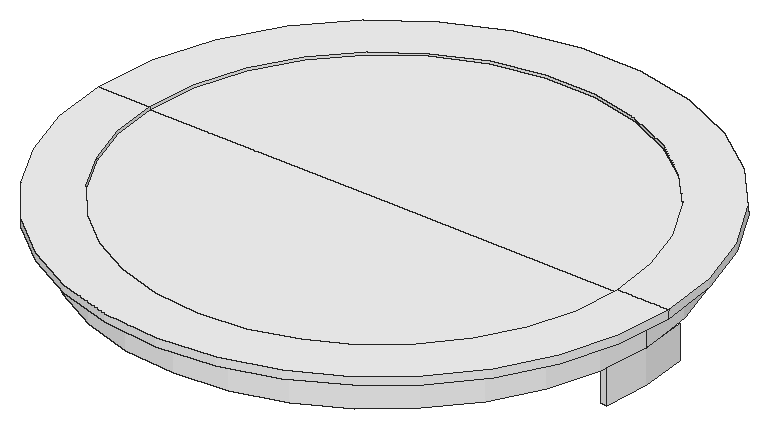
Revit family "0053896", category Lighting Fixtures, host Face, Revit 2016
Family settings
  Host = Face
  Part Type = Normal
  Round Connector Dimension = Use Diameter
  OmniClass Number = 23.80.70.11.14.11
  OmniClass Title = Downlights
  Cut with Voids When Loaded = No
  Light Source = Yes
  Shared = No
  Room Calculation Point = No
Parameters (values of type "0053896 ST eco Downlight Flat 205 IP44 1925lm 840 DIM ")
  Weight = "6.57 kg"
  Wattage Comments = "n/a"
  Wattage = 18 W
  WarrantyStartDate [instance] = "n/a"
  WarrantyGuarantorParts = "n/a"
  WarrantyDurationUnit = "year"
  WarrantyDurationParts = "n/a"
  WarrantyDescription = "n/a"
  built-in parameter 1150110 = 1 (stored number, unit not read)
  Voltage = 230 V
  URL = "http://www.sylvania-lighting.com"
  TypeName = "ST eco Downlight Flat 205 IP44 1925lm 840 DIM"
  Type Image = <None>
  Type Comments = "n/a"
  built-in parameter 1114217 = 1 (stored number, unit not read)
  Tilt Angle = -90.00°
  built-in parameter 1150109 = 1 (stored number, unit not read)
  built-in parameter 1150134 = 12
  built-in parameter 1150113 = 1 (stored number, unit not read)
  SpringMountStartAngle_FEILO = -SpringMountEndAngle_FEILO  # -10.00°
  SpringMountEndAngle_FEILO = 10.00°
  SerialNumber [instance] = "n/a"
  ReflectorMaterial = none
  RecessedHeight_FEILO = 26 mm
  RecessedDiameter_FEILO = 205 mm
  PowerFactor = 0
  PowerConsumption = "18 W"
  Photometric Web File = "0053896.ies"
  NominalLength = 222 mm
  NominalHeight = 26 mm
  NominalDepth = 222 mm
  Name = "ST eco Downlight Flat 205 IP44 1925lm 840 DIM"
  ModelReference = Name  # "ST eco Downlight Flat 205 IP44 1925lm 840 DIM"
  ModelNumber = "0053896"
  Model = Name  # "ST eco Downlight Flat 205 IP44 1925lm 840 DIM"
  Material = "Aluminium"
  ManufacturerName = "Feilo Sylvania"
  Manufacturer = "Feilo Sylvania"
  LuminousEfficacy = "106.9 lm/W"
  built-in parameter 1150105 = 153.19 (stored number, unit not read)
  Lumens = 1925 lm
  LuminaireType = "LED recessed downlight"
  built-in parameter 1150115 = 1 (stored number, unit not read)
  LightOutputRatio = "1"
  built-in parameter 1150137 = (empty or 0)
  built-in parameter 1150139 = (empty or 0)
  LampsType = Lamp  # "LED"
  LampNominalLuminous = "1925 lm"
  LampMacAdamStep = "n/a"
  LampColourTemperature = "4000 K"
  LampColourRenderingIndex = "80"
  built-in parameter 1150112 = 1 (stored number, unit not read)
  built-in parameter 1150114 = 1 (stored number, unit not read)
  Lamp = "LED"
  Keynote = "16500"
  InstallationDate [instance] = "n/a"
  InputVoltage = "220-240V~"
  InputNominalFrequency = "50/60 Hz"
  built-in parameter 1150132 = (empty or 0)
  built-in parameter 1150102 = (empty or 0)
  built-in parameter 1150107 = 4000 (stored number, unit not read)
  built-in parameter 1150138 = (empty or 0)
  IngressProtection = "IP44"
  ImpactProtectionIndex = "IK06"
  built-in parameter 1150106 = 1.5319 (stored number, unit not read)
  IfcExportType = "IfcLightFixtureType"
  IfcExportAs = "IfcLightFixtureType"
  ExpectedLife = 50000
  Emit from Circle Diameter = 182 mm
  Emit Shape Visible in Rendering = no
  ElectricShockClassification = "Class II"
  built-in parameter 1150104 = 9.9355 (stored number, unit not read)
  DurationUnit = "hours"
  DocumentationLiterature = "http://www.sylvania-lighting.com/product/en-int/products/0053896"
  DimmingControlOptions = "Dimmable"
  Dimming Lamp Color Temperature Shift = <None>
  DiffuserMaterial = Diffuser-Sylvania-Glow
  Description = "Integrated LED recessed downlight providing 1790 fixture lumens at a wattage of 18W giving a high efficacy of 99lm/W. Fitting includes Leading/Trailing edge phase dimmable driver and has a round ceiling cut out of 205mm with an IP20 and IK02 rating providing uniform distribution with an Opal diffuser and 110° beam angle. Provided including a Loop in Loop out box and built Built white aluminium housing."
  Default Elevation = 1219.2 mm
  CutoutHeight_FEILO = RecessedHeight_FEILO + 10 mm  # 36 mm
  CreatedOn = "03-11-2017"
  CreatedBy = "aron.fodor@feilosylvania.com"
  Cost = 0
  Color Filter = 16777215
  built-in parameter 1114216 [instance] = (empty or 0)
  ClassificationValue = "EF_70_80"
  ClassificationName = "Uniclass2015"
  BodyWidth_FEILO = 222 mm
  BodyMaterial = Body-Sylvania-SylFlatDimmable-White
  BodyLength_FEILO = 222 mm
  BodyHeight_FEILO = 13 mm
  BarCode [instance] = "n/a"
  built-in parameter 1114218 = 1 (stored number, unit not read)
  built-in parameter 1150133 = 10 (stored number, unit not read)
  AssetType = "Fixed"
  AssetIdentifier [instance] = "n/a"
  Assembly Code = "D5020200"
  Apparent Load = 18 VA
  AccessoryMaterial = Diffuser-Sylvania-Glow
Reference planes
  plane 1 "Center (Front/Back)": y = 0
  plane 2: z = 0
  plane 3 "Center (Left/Right)": x = 0
  plane 4: x = 111
  plane 5: x = -111
  plane 6: y = 111
  plane 7: y = -111
  plane 8: z = 3
  plane 9: z = -26
  plane 10: x = 102.5
  plane 11: x = -102.5
  plane 12: y = 102.5
  plane 13: y = -102.5
  plane 14: z = 2
  plane 15: x = -91
  plane 16: z = -13
  plane 17: x = -100
  plane 18: x = 100
  plane 19: z = -36
Forms (mm)
  Revolve 1, solid, material "Body-Sylvania-SylFlatDimmable-White" <- "BodyMaterial"
    sketch origin (0, 0, 0) x (1, 0, 0) y (0, 0, 1)
      loop
        line (0, -13) -> (0, 2) -> (-91, 2) -> (-91, 3) -> (-111, 3) -> (-111, 0) -> (-102.5, 0) -> (-102.5, -13) -> (0, -13)
      axis (0, 3) -> (0, -13)
    angle from 360 to 0
  Revolve 2, solid, material "Body-Sylvania-SylFlatDimmable-White" <- "BodyMaterial"
    sketch origin (0.654, 0, 0) x (1, 0, 0) y (0, 0, 1)
      loop
        line (-103.154, -13) -> (-103.154, -26) -> (-100.654, -26) -> (-100.654, -13) -> (-103.154, -13)
      axis (-0.654, -13) -> (-0.654, -26)
    angle from -10 <- "SpringMountStartAngle_FEILO" to 10 <- "SpringMountEndAngle_FEILO"
  Revolve 3, solid, material "Body-Sylvania-SylFlatDimmable-White" <- "BodyMaterial"
    sketch origin (0, 0, 0) x (1, 0, 0) y (0, 0, 1)
      loop
        line (102.5, -13) -> (100, -13) -> (100, -26) -> (102.5, -26) -> (102.5, -13)
      axis (0, -13) -> (0, -26)
    angle from -10 <- "SpringMountStartAngle_FEILO" to 10 <- "SpringMountEndAngle_FEILO"
  Revolve 4, void
    sketch origin (0, 0, 0) x (1, 0, 0) y (0, 0, 1)
      loop
        line (0, 0) -> (-102.5, 0) -> (-102.5, -36) -> (0, -36) -> (0, 0)
      axis (0, 0) -> (0, -36)
    angle from 360 to 0
Cuts and joins
  joined: Revolve 1, Revolve 2, Revolve 3
Dimensions and locks
  equal spacing: plane 5, plane 3 "Center (Left/Right)", plane 4
  equal spacing: plane 7, plane 1 "Center (Front/Back)", plane 6
  "BodyWidth_FEILO": plane 7 to plane 6
  "BodyLength_FEILO": plane 5 to plane 4
  "RecessedHeight_FEILO": plane 2 to plane 9
  locked: plane 8 to plane 2 at 3
  equal spacing: plane 11, plane 3 "Center (Left/Right)", plane 10
  "RecessedDiameter_FEILO": plane 11 to plane 10
  equal spacing: plane 13, plane 1 "Center (Front/Back)", plane 12
  "RecessedDiameter_FEILO": plane 13 to plane 12
  locked: plane 14 to plane 2 at 2
  locked: plane 15 to plane 5 at 20
  "BodyHeight_FEILO": plane 2 to plane 16
  equal spacing: plane 18, plane 3 "Center (Left/Right)", plane 17
  locked: plane 17 to plane 11 at 2.5
  "CutoutHeight_FEILO": plane 2 to plane 19
  aligned and locked: plane 2 to host face
  aligned and locked: level to host face
  aligned and locked: plane 3 "Center (Left/Right)" to Revolve 1 sketch curve
  aligned and locked: Revolve 1 sketch curve to plane 14
  aligned and locked: plane 15 to Revolve 1 sketch curve
  aligned and locked: Revolve 1 sketch curve to plane 8
  aligned and locked: Revolve 1 sketch curve to plane 5
  aligned and locked: Revolve 1 sketch curve to plane 11
  aligned and locked: Revolve 1 sketch curve to plane 3 "Center (Left/Right)"
  aligned and locked: Revolve 1 sketch curve to level
  aligned and locked: plane 16 to Revolve 1 sketch curve
  aligned and locked: Revolve 2 sketch curve to Revolve 1  (x2)
  aligned and locked: Revolve 2 sketch curve to plane 9
  aligned and locked: Revolve 2 sketch curve to plane 17
  aligned and locked: Revolve 2 sketch curve to plane 3 "Center (Left/Right)"
  aligned and locked: Revolve 3 sketch curve to plane 3 "Center (Left/Right)"
  aligned and locked: Revolve 3 sketch curve to Revolve 1  (x2)
  aligned and locked: plane 9 to Revolve 3 sketch curve
  aligned and locked: Revolve 3 sketch curve to plane 18
  aligned and locked: Revolve 4 sketch curve to plane 3 "Center (Left/Right)"
  aligned and locked: plane 19 to Revolve 4 sketch curve
  aligned and locked: plane 3 "Center (Left/Right)" to Revolve 4 sketch curve
  aligned and locked: Revolve 4 sketch curve to plane 11
  aligned and locked: level to Revolve 4 sketch curve
  aligned and locked: imposter light to plane 14
  aligned and locked: plane 3 "Center (Left/Right)" to imposter light
  aligned and locked: imposter light to plane 1 "Center (Front/Back)"
Automatic sketch dimensions
  host sketch curve to host sketch curve = 2438.4 mm  (x2)
  plane 9 to Revolve 1 sketch curve = 587.6 mm
  Revolve 1 sketch curve to plane 8 = 2606.058 mm
  plane 9 to Revolve 2 sketch curve = 587.6 mm
  Revolve 2 sketch curve to plane 8 = 2606.058 mm
  plane 9 to Revolve 3 sketch curve = 587.6 mm
  Revolve 3 sketch curve to plane 8 = 2606.058 mm
  plane 19 to Revolve 4 sketch curve = 577.6 mm
  Revolve 4 sketch curve to plane 8 = 2606.058 mm
Connectors
  electrical at (0, 0, 0), driven by "Apparent Load", driven by "PowerFactor", driven by "Voltage"
    settings: index 1, voltage 230 V, apparent load 18 VA, apparent load phase1 0 VA, apparent load phase2 0 VA, apparent load phase3 0 VA, power factor 0, load classification "Lighting", number of poles 1, system type 30, power factor state 1, is connector primary yes, connector utility no, sub classification motor no, connector description ""
